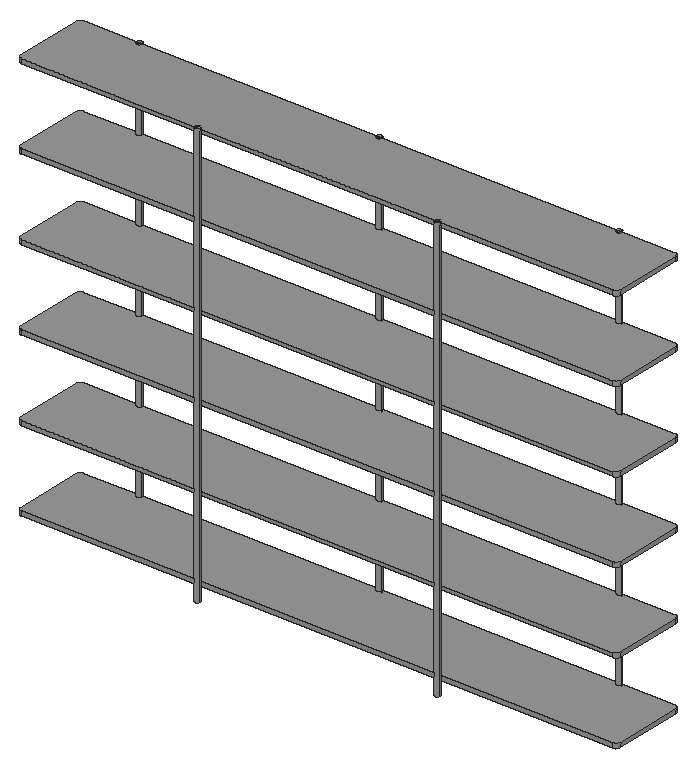
Revit family "Aero178-LivingDivani", category Furniture, Revit 2014
Parameters (values of type "250x178")
  URL = "http://www.livingdivani.it"
  Model = "Aero"
  Mat. Struttura = Zinc
  Manufacturer = "LivingDivani"
  Codice prodotto = "AERL178"
Reference planes (cm)
  plane 1 "Centro (Fronte/Retro)": y = 0
  plane 2: z = 0
  plane 3 "Centro (Sinistra/Destra)": x = 0
Forms (cm)
  Extrusion 1, solid, material "Zinc" <- "Mat. Struttura"
    sketch origin (0, 0, 6) x (1, 0, 0) y (0, 1, 0)
      loop
        arc (-123.2, 16) -> (-124.4728, 15.4728) -> (-125, 14.2) r 1.8
        line (-125, 14.2) -> (-125, -14.2)
        arc (-125, -14.2) -> (-124.4728, -15.4728) -> (-123.2, -16) r 1.8
        line (-123.2, -16) -> (-51.1089, -16) -> (123.2, -16)
        arc (123.2, -16) -> (124.4728, -15.4728) -> (125, -14.2) r 1.8
        line (125, -14.2) -> (125, 14.2)
        arc (125, 14.2) -> (124.4728, 15.4728) -> (123.2, 16) r 1.8
        line (123.2, 16) -> (-101.1089, 16) -> (-123.2, 16)
    from 0 to 1.8
  Extrusion 2, solid, material "Zinc" <- "Mat. Struttura"
    sketch origin (0, 0, 39.8) x (1, 0, 0) y (0, 1, 0)
      loop
        arc (-123.2, 16) -> (-124.4728, 15.4728) -> (-125, 14.2) r 1.8
        line (-125, 14.2) -> (-125, -14.2)
        arc (-125, -14.2) -> (-124.4728, -15.4728) -> (-123.2, -16) r 1.8
        line (-123.2, -16) -> (-51.1089, -16) -> (123.2, -16)
        arc (123.2, -16) -> (124.4728, -15.4728) -> (125, -14.2) r 1.8
        line (125, -14.2) -> (125, 14.2)
        arc (125, 14.2) -> (124.4728, 15.4728) -> (123.2, 16) r 1.8
        line (123.2, 16) -> (-101.1089, 16) -> (-123.2, 16)
    from 0 to 1.8
  Extrusion 3, solid, material "Zinc" <- "Mat. Struttura"
    sketch origin (0, 0, 73.6) x (1, 0, 0) y (0, 1, 0)
      loop
        arc (-123.2, 16) -> (-124.4728, 15.4728) -> (-125, 14.2) r 1.8
        line (-125, 14.2) -> (-125, -14.2)
        arc (-125, -14.2) -> (-124.4728, -15.4728) -> (-123.2, -16) r 1.8
        line (-123.2, -16) -> (-51.1089, -16) -> (123.2, -16)
        arc (123.2, -16) -> (124.4728, -15.4728) -> (125, -14.2) r 1.8
        line (125, -14.2) -> (125, 14.2)
        arc (125, 14.2) -> (124.4728, 15.4728) -> (123.2, 16) r 1.8
        line (123.2, 16) -> (-101.1089, 16) -> (-123.2, 16)
    from 0 to 1.8
  Extrusion 4, solid, material "Zinc" <- "Mat. Struttura"
    sketch origin (0, 0, 107.4) x (1, 0, 0) y (0, 1, 0)
      loop
        arc (-123.2, 16) -> (-124.4728, 15.4728) -> (-125, 14.2) r 1.8
        line (-125, 14.2) -> (-125, -14.2)
        arc (-125, -14.2) -> (-124.4728, -15.4728) -> (-123.2, -16) r 1.8
        line (-123.2, -16) -> (-51.1089, -16) -> (123.2, -16)
        arc (123.2, -16) -> (124.4728, -15.4728) -> (125, -14.2) r 1.8
        line (125, -14.2) -> (125, 14.2)
        arc (125, 14.2) -> (124.4728, 15.4728) -> (123.2, 16) r 1.8
        line (123.2, 16) -> (-101.1089, 16) -> (-123.2, 16)
    from 0 to 1.8
  Extrusion 5, solid, material "Zinc" <- "Mat. Struttura"
    sketch origin (0, 0, 141.2) x (1, 0, 0) y (0, 1, 0)
      loop
        arc (-123.2, 16) -> (-124.4728, 15.4728) -> (-125, 14.2) r 1.8
        line (-125, 14.2) -> (-125, -14.2)
        arc (-125, -14.2) -> (-124.4728, -15.4728) -> (-123.2, -16) r 1.8
        line (-123.2, -16) -> (-51.1089, -16) -> (123.2, -16)
        arc (123.2, -16) -> (124.4728, -15.4728) -> (125, -14.2) r 1.8
        line (125, -14.2) -> (125, 14.2)
        arc (125, 14.2) -> (124.4728, 15.4728) -> (123.2, 16) r 1.8
        line (123.2, 16) -> (-101.1089, 16) -> (-123.2, 16)
    from 0 to 1.8
  Extrusion 6, solid, material "Zinc" <- "Mat. Struttura"
    sketch origin (0, 0, 175) x (1, 0, 0) y (0, 1, 0)
      loop
        arc (-123.2, 16) -> (-124.4728, 15.4728) -> (-125, 14.2) r 1.8
        line (-125, 14.2) -> (-125, -14.2)
        arc (-125, -14.2) -> (-124.4728, -15.4728) -> (-123.2, -16) r 1.8
        line (-123.2, -16) -> (-51.1089, -16) -> (123.2, -16)
        arc (123.2, -16) -> (124.4728, -15.4728) -> (125, -14.2) r 1.8
        line (125, -14.2) -> (125, 14.2)
        arc (125, 14.2) -> (124.4728, 15.4728) -> (123.2, 16) r 1.8
        line (123.2, 16) -> (-101.1089, 16) -> (-123.2, 16)
    from 0 to 1.8
  Extrusion 7, solid, material "Zinc" <- "Mat. Struttura"
    sketch origin (0, 0, 0) x (1, 0, 0) y (0, 1, 0)
      loop
        circle (-100, 16) r 1.1
    from 0 to 176.8
  Extrusion 8, solid, material "Zinc" <- "Mat. Struttura"
    sketch origin (100, 0, 0) x (1, 0, 0) y (0, 1, 0)
      loop
        circle (-100, 16) r 1.1
    from 0 to 176.8
  Extrusion 9, solid, material "Zinc" <- "Mat. Struttura"
    sketch origin (0, 0, 0) x (-1, 0, 0) y (0, -1, 0)
      loop
        circle (-100, -16) r 1.1
    from 0 to 176.8
  Extrusion 10, solid, material "Zinc" <- "Mat. Struttura"
    sketch origin (0, 0, 0) x (1, 0, 0) y (0, 1, 0)
      loop
        circle (-50, -16) r 1.1
    from 0 to 176.8
  Extrusion 11, solid, material "Zinc" <- "Mat. Struttura"
    sketch origin (0, 0, 0) x (-1, 0, 0) y (0, -1, 0)
      loop
        circle (-50, 16) r 1.1
    from 0 to 176.8
Dimensions and locks (cm)
  aligned and locked: level to plane 2
